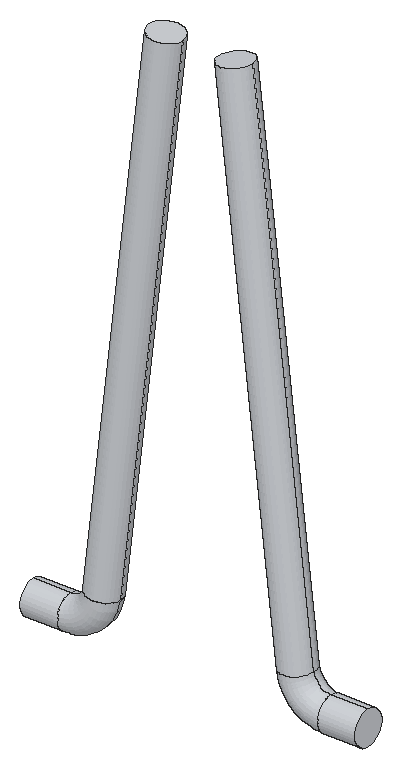
Revit family "Family3", category 일반 모델, Revit 2019
Family settings
  보강 철근 호스트 가능 = 아니오
  원형 커넥터 치수 = 지름 사용
  부품 유형 = 보통
  작업 기준면 기반 = 아니오
  항상 수직 = 예
  로드될 때 보이드를 사용하여 절단 = 아니오
  공유 = 아니오
  룸 계산 점 = 아니오
Reference planes
  plane 1 "Center (Front/Back)": y = 0
  plane 2: z = 0
  plane 3 "Center (Left/Right)": x = 0
  plane 4: z = 170
  plane 5: x = -50
  plane 6: x = 50
  plane 7: x = -30
  plane 8: z = 5
  plane 9: through (-30, -1524, 5) normal (-0.993, 0, 0.1177)
Forms (mm)
  Sweep 1, solid
    path in 3D
      loop
        line (-50, 0, 5) -> (-38.885, 0, 5)
        arc (-38.885, 0, 5) -> (-32.243, 0, 7.524) -> (-28.954, 0, 13.823) r 10
        line (-28.954, 0, 13.823) -> (-10.439, 0, 170)
    profile origin (-44.442, 0, 5) x (0, 0, 1) y (0, -1, 0)
      loop
        circle (0, 0) r 5
  Sweep 2, solid
    path in 3D
      loop
        line (50, 0, 5) -> (38.885, 0, 5)
        arc (38.885, 0, 5) -> (32.243, 0, 7.524) -> (28.954, 0, 13.823) r 10
        line (28.954, 0, 13.823) -> (10.439, 0, 170)
    profile origin (44.442, 0, 5) x (0, 0, -1) y (0, -1, 0)
      loop
        circle (0, 0) r 5
Lines and regions (mm)
  reference lines
    curve 1: line (-50, 0, 5) -> (-38.885, 0, 5)
    curve 2: line (-28.954, 0, 13.823) -> (-10.439, 0, 170)
    curve 3: arc (-38.885, 0, 5) -> (-32.243, 0, 7.524) -> (-28.954, 0, 13.823) r 10
  sketch lines
    curve 4: line (-50, 0, 5) -> (-38.885, 0, 5)
    curve 5: arc (-38.885, 0, 5) -> (-32.243, 0, 7.524) -> (-28.954, 0, 13.823) r 10
    curve 6: line (-28.954, 0, 13.823) -> (-10.439, 0, 170)
    curve 7: line (50, 0, 5) -> (38.885, 0, 5)
    curve 8: arc (38.885, 0, 5) -> (32.243, 0, 7.524) -> (28.954, 0, 13.823) r 10
    curve 9: line (28.954, 0, 13.823) -> (10.439, 0, 170)
Dimensions and locks
  aligned and locked: level to plane 2
